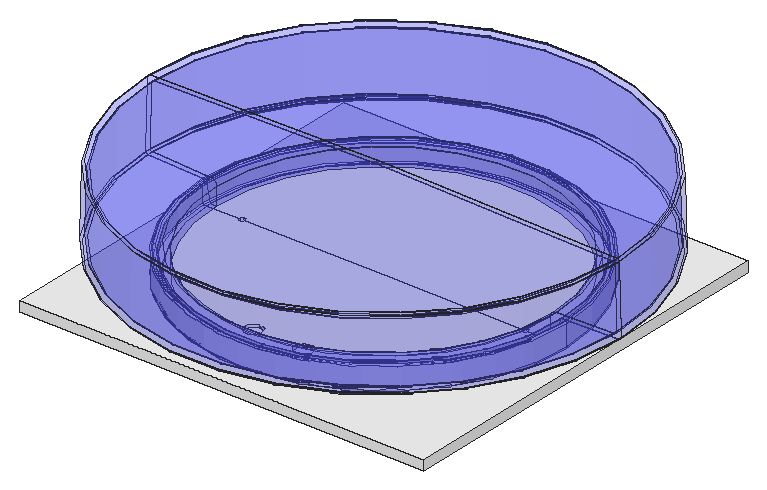
Revit family "BE_23315_de_DE", category Leuchten, Revit 2020
Family settings
  Basisbauteil = Fläche
  Bemaßung runder Anschluss = Durchmesser verwenden
  Teiletyp = Normal
  Beim Laden mit Abzugskörper schneiden = Ja
  Lichtquelle = Ja
  Gemeinsam genutzt = Nein
  Raumberechnungspunkt = Ja
Parameters (values of type "BEGA_23315_K4")
  built-in parameter 1150104 = 12.839 (stored number, unit not read)
  Wattage = 37.8 W
  Default Elevation = 0 mm
  built-in parameter 1150113 = 1 (stored number, unit not read)
  built-in parameter 1114218 = 1 (stored number, unit not read)
  Umgebungstemperatur = "25 °C"
  URL = "https://www.bega.com/de/produkt/23315"
  Typenkommentare = "© 2022 BEGA. Wir behalten uns das Recht vor, technische Änderungen ohne vorherige Ankündigung vorzunehmen."  # constant formula
  built-in parameter 1150134 = 12
  built-in parameter 1150109 = 1 (stored number, unit not read)
  Strom = ""
  built-in parameter 1150110 = 1 (stored number, unit not read)
  Spannung = 239.996 V
  Sonderanfertigung = no
  Seriennummer [instance] = "Hier können Sie die eindeutige Seriennummer für das Facility Management eintragen."
  Schutzklasse = "I"
  Schutzart = "IP 44"
  Scheinlast = 0 VA
  Produktdatenblatt = "https://cdn.bega.com/bega/products/23315K4/current/documents/data-sheets/de"
  Oberflächentemperatur = ""
  Neigungswinkel = 0.00°
  Modell = "23315K4"
  Material_17 = BEGA_Reflektor
  Material_15 = BEGA_Leuchtmedium_matt
  Material_11 = BEGA_Glas_opal
  Material_09 = BEGA_Glas_klar
  Material_06 = BEGA_Oberfläche_Edelstahl_gebürstet
  Material_05 = BEGA_Oberfläche_Aluminium Guss
  Material_03 = BEGA_Oberfläche_Weiss_matt
  Material_02 = BEGA_Oberfläche_Silber_matt
  Material_01 [instance] = BEGA_Oberfläche_Grafit_matt
  M_W = no
  M_G = no
  M_A = no
  Logo = 0
  built-in parameter 1114217 = 1 (stored number, unit not read)
  built-in parameter 1150139 = (empty or 0)
  built-in parameter 1150105 = 1304 (stored number, unit not read)
  built-in parameter 1150114 = 1 (stored number, unit not read)
  Lumens = 5223.96 lm
  built-in parameter 1150115 = 1 (stored number, unit not read)
  Leuchtenlichtstrom = "3400 lm"
  Leuchtenanzahl = ""
  Lebensdauerkriterien = "L70B50 @ 25 °C = 135000 h"
  Lastklassifizierung = Beleuchtung
  built-in parameter 1150112 = 1 (stored number, unit not read)
  Lampenlichtstrom = "4720 lm"
  Lampe = "LED 31.8 W"
  LED_Modulbezeichnung = "LED-0531/940"
  built-in parameter 1150142 = (empty or 0)
  Hersteller = "BEGA"  # constant formula
  Halbstreuwinkel = ""
  Gewicht = "8.6 kg"
  Gebrauchslageneinschränkung [instance] = ""
  Frequenz = "0/50-60 Hz"
  Farbwiedergabeindex = "CRI > 90"
  Farbtemperaturverschiebung bei Dämpfen der Lampe = <Keine Auswahl>
  Farbtemperatur = "4000 K"
  Color Filter = 16777215
  built-in parameter 1150133 = 10 (stored number, unit not read)
  Energieeffizienzklasse = "LED A++ - A"
  built-in parameter 1150137 = (empty or 0)
  built-in parameter 1150132 = (empty or 0)
  ENEC = "ja"
  Dimmbar [instance] = "DALI"
  Datei für fotometrisches Netz = "BE_23315K4.IES"
  CE_Konformität = "ja"
  Bestellnummer = "23315K4"
  Beschreibung_Sonderanfertigung = "Hier können Sie Informationen zur Sonderanfertigung eintragen."
  Beschreibung = "Wandleuchte"
  built-in parameter 1150106 = 13.04 (stored number, unit not read)
  Befestigungsbohrung = "Ø 5,5 mm"
  Befestigungsabstand = "280 mm"
  Ballwurfsicher = ""
  BEGA_Intern_aus = yes
  BEGA_Intern_an = yes
  BEGA_Intern_Konstruktion = yes
  BEGA_Intern = yes
  BEGA_IES = yes
  BEGA_Dummy = no
  Anschlussleitung = ""
  Anschlussleistung [instance] = "35 W"
  Anschlusskasten = ""
  built-in parameter 1150107 = 4000 (stored number, unit not read)
  built-in parameter 1150102 = (empty or 0)
  built-in parameter 1150138 = (empty or 0)
  Aktualisierung = "2022-05-18T04:00:07"
  Abstand_zur_angestrahlten_Fläche [instance] = ""
  AC/DC = "AC/DC"
Types (2, lengths in mm): name | built-in parameter 1150134 | Modell | Leuchtenlichtstrom | Lampenlichtstrom | LED_Modulbezeichnung | Farbtemperatur | Datei für fotometrisches Netz | Bestellnummer | built-in parameter 1150107
  BEGA_23315_K3 | (empty or 0) | "23315K3" | "3343 lm" | "4645 lm" | "LED-0531/930" | "3000 K" | "BE_23315K3.IES" | "23315K3" | 3000 (stored number, unit not read)
  BEGA_23315_K4 | 12 | "23315K4" | "3400 lm" | "4720 lm" | "LED-0531/940" | "4000 K" | "BE_23315K4.IES" | "23315K4" | 4000 (stored number, unit not read)
Reference planes
  plane 1 "Mitte (Vorne/Hinten)": y = 0
  plane 2: z = 0
  plane 3 "Mitte (Links/Rechts)": x = 0
  plane 4 "Links": x = -234.948
  plane 5 "Rechts": x = 234.948
  plane 6 "Unten": y = -235
  plane 7 "Oben": y = 235
  plane 8 "Vorne": z = 105.052
  plane 9 "Hinten": z = 0
Forms (mm)
  Extrusion 1, solid, material "BEGA_Platte_Weiss"
    sketch origin (0, -1119.2, 0) x (1, 0, 0) y (0, 1, 0)
      loop
        line (-200, 1319.2) -> (-200, 919.2) -> (200, 919.2) -> (200, 1319.2) -> (-200, 1319.2)
    from 0 to -10
  Extrusion 2, solid, material "BEGA_Dummy_matt", visible <- "BEGA_Dummy"
    sketch origin (77.149, -76.023, 0) x (1, 0, 0) y (0, 1, 0)
      loop
        circle (-77.149, 76.023) r 235
    from 0 to 105.052
Dimensions and locks
  plane 1 "Mitte (Vorne/Hinten)" to Extrusion 1 = 200 mm
  aligned and locked: plane 2 to Extrusion 1
  aligned and locked: level to Extrusion 1
Nested families
  nested 1: "BE_23315" at (0, 0, 0), type "BE_23315"
Connectors
  electrical at (0, 0, 0), driven by "Lastklassifizierung", driven by "Spannung", driven by "Scheinlast"
    settings: index 1, voltage 239.996 V, apparent load 0 VA, apparent load phase1 0 VA, apparent load phase2 0 VA, apparent load phase3 0 VA, power factor 1, load classification "Beleuchtung", number of poles 1, system type 31, power factor state 1, is connector primary yes, connector utility no, sub classification motor no, connector description ""
Definition of nested family "BE_23315"
  Parameters (values of type "BE_23315")
    Default Elevation = 1 mm
    URL = "http://www.bega.de/de/produkt"
    Type Comments = "© 2015 BEGA. Wir behalten uns das Recht vor, technische Änderungen ohne vorherige Ankündigung vorzunehmen. "  # constant formula
    Type Image = (empty or 0)
    Neigungswinkel_um_Z2 = 0.00°
    Neigungswinkel_um_Z1 = 0.00°
    Neigungswinkel_um_Y2 = 0.00°
    Neigungswinkel_um_Y1 = 0.00°
    Neigungswinkel_um_X2 = 0.00°
    Neigungswinkel_um_X1 = 0.00°
    Material_17 = none
    Material_15 = none
    Material_11 = none
    Material_09 = none
    Material_06 = none
    Material_05 = none
    Material_03 = none
    Material_02 = none
    Material_01 = none
    M_W = yes
    M_G = yes
    M_A = yes
    Länge_Platte = 500 mm  # constant formula
    Höhe_Platte = -10 mm  # constant formula
    Manufacturer = "BEGA"  # constant formula
    Drehwinkel_um_Z2 = 0.00°
    Drehwinkel_um_Z1 = 0.00°
    Breite_Platte = 500 mm  # constant formula
  Reference planes
    plane 1 "Mitte (Oben/Unten)": y = 0
    plane 2: z = 0
    plane 3 "Mitte (Links/Rechts)": x = 0
    plane 4: x = -234.948
    plane 5: z = 105.052
    plane 6: x = 234.948
    plane 7: y = -235
    plane 8: y = 235
  Forms (mm)
    Extrusion 1, solid, detail levels medium
      sketch origin (0, 0, 0) x (1, 0, 0) y (0, 1, 0)
        loop
          line (-250, 250) -> (-250, -250) -> (250, -250) -> (250, 250) -> (-250, 250)
      from 0 to -10 <- "Höhe_Platte"
    Revolve 2, solid, material <- "Material_03", detail levels medium+fine
      sketch origin (0, 0, 0) x (1, 0, 0) y (0, 0, 1)
        loop
          line (0, 5) -> (-178.6, 5)
          arc (-178.6, 5) -> (-179.307, 5.293) -> (-179.6, 6) r 1
          line (-179.6, 6) -> (-179.6, 25.938) -> (-176.438, 23.724) -> (-175.75, 24.707) -> (-178.676, 26.756)
          arc (-178.676, 26.756) -> (-179.149, 26.966) -> (-179.667, 26.982) r 1.35
          arc (-179.667, 26.982) -> (-180.476, 26.528) -> (-180.8, 25.659) r 1.35
          line (-180.8, 25.659) -> (-180.8, 5)
          arc (-180.8, 5) -> (-180.214, 3.586) -> (-178.8, 3) r 2
          line (-178.8, 3) -> (0, 3) -> (0, 5)
        axis (0, 3) -> (0, 26.982)
      angle from 0 to 360
    Extrusion 3, void
      sketch origin (0, 0, 0) x (1, 0, 0) y (0, 1, 0)
        loop
          circle (-25, -130) r 8.5
        loop
          circle (25, -130) r 8.5
        loop
          circle (-140, 0) r 2.75
        loop
          circle (140, 0) r 2.75
      from 0 to 6.5
    Revolve 4, solid, material <- "Material_11", detail levels medium+fine
      sketch origin (0, 0, 0) x (1, 0, 0) y (0, 0, 1)
        loop
          arc (0, 105.052) -> (-115.646, 104.068) -> (-231.259, 101.116) r 6796.32
          arc (-231.259, 101.116) -> (-232.613, 100.523) -> (-233.19, 99.162) r 2
          line (-233.19, 99.162) -> (-234.948, 32.034)
          arc (-234.948, 32.034) -> (-234.405, 30.61) -> (-233.016, 29.982) r 2
          line (-233.016, 29.982) -> (-176.25, 28)
          arc (-176.25, 28) -> (-175.332, 27.647) -> (-174.83, 26.8) r 1.5
          line (-174.83, 26.8) -> (-171, 8) -> (-165, 8) -> (-165, 25.82)
          arc (-165, 25.82) -> (-166.685, 29.984) -> (-170.788, 31.812) r 6
          line (-170.788, 31.812) -> (-228.913, 33.842)
          arc (-228.913, 33.842) -> (-230.305, 34.472) -> (-230.845, 35.901) r 2
          line (-230.845, 35.901) -> (-229.297, 95.163)
          arc (-229.297, 95.163) -> (-228.722, 96.522) -> (-227.37, 97.115) r 1.997
          arc (-227.37, 97.115) -> (-113.702, 100.066) -> (0, 101.05) r 6571.102
          line (0, 101.05) -> (0, 105.052)
        axis (0, 105.052) -> (0, 8)
      angle from 0 to 360
    Revolve 5, solid, material <- "Material_03", detail levels medium+fine
      sketch origin (-32.527, -32.527, 0) x (-0.707107, -0.707107, 0) y (0, 0, 1)
        loop
          arc (112.946, 3.261) -> (115.562, 0.867) -> (119, 0) r 7.25
          line (119, 0) -> (119, 3.261) -> (112.946, 3.261)
        axis (119, 0) -> (119, 3.261)
      angle from 0 to 360
    Revolve 6, solid, material <- "Material_03", detail levels medium+fine
      sketch origin (-32.527, 32.527, 0) x (-0.707107, 0.707107, 0) y (0, 0, 1)
        loop
          arc (112.946, 3.261) -> (115.562, 0.867) -> (119, 0) r 7.25
          line (119, 0) -> (119, 3.261) -> (112.946, 3.261)
        axis (119, 0) -> (119, 3.261)
      angle from 0 to 360
    Revolve 7, solid, material <- "Material_03", detail levels medium+fine
      sketch origin (32.527, -32.527, 0) x (0.707107, -0.707107, 0) y (0, 0, 1)
        loop
          arc (112.946, 3.261) -> (115.562, 0.867) -> (119, 0) r 7.25
          line (119, 0) -> (119, 3.261) -> (112.946, 3.261)
        axis (119, 0) -> (119, 3.261)
      angle from 0 to 360
    Revolve 8, solid, material <- "Material_03", detail levels medium+fine
      sketch origin (32.527, 32.527, 0) x (0.707107, 0.707107, 0) y (0, 0, 1)
        loop
          arc (112.946, 3.261) -> (115.562, 0.867) -> (119, 0) r 7.25
          line (119, 0) -> (119, 3.261) -> (112.946, 3.261)
        axis (119, 0) -> (119, 3.261)
      angle from 0 to 360
  Cuts and joins
    Extrusion 3 cuts Revolve 2
    joined: Revolve 2, Revolve 5, Revolve 6, Revolve 7, Revolve 8
  Dimensions and locks
    equal spacing: Extrusion 1 sketch curve, plane 3 "Mitte (Links/Rechts)", Extrusion 1 sketch curve
    equal spacing: Extrusion 1 sketch curve, plane 1 "Mitte (Oben/Unten)", Extrusion 1 sketch curve
    "Länge_Platte": Extrusion 1 sketch curve to Extrusion 1 sketch curve
    "Breite_Platte": Extrusion 1 sketch curve to Extrusion 1 sketch curve
    aligned and locked: Extrusion 1 to plane 2
    aligned and locked: level to Extrusion 1
  Automatic sketch dimensions
    Revolve 2 sketch curve to plane 3 "Mitte (Links/Rechts)" = 0 mm  (x2)
    Revolve 2 sketch curve to Revolve 2 sketch curve = 0.688 mm
    level to Revolve 2 sketch curve = 6 mm
    Revolve 2 sketch curve to Revolve 2 sketch curve = 0.2 mm
    Revolve 2 sketch curve to Revolve 2 sketch curve = 3.012 mm
    Revolve 2 sketch curve to Revolve 2 sketch curve = 0 mm  (x9)
    Revolve 2 sketch curve to Revolve 2 sketch curve = 1 mm  (x2)
    Revolve 2 sketch curve to Revolve 2 sketch curve = 1.2 mm
    Revolve 2 sketch curve to Revolve 2 sketch curve = 2 mm
    Revolve 2 sketch curve to Revolve 2 sketch curve = 17.724 mm
    Revolve 2 sketch curve to Revolve 2 sketch curve = 0.983 mm
    Revolve 2 sketch curve to Revolve 2 sketch curve = 1.926 mm
    Revolve 2 sketch curve to Revolve 2 sketch curve = 0.009 mm
    Revolve 2 sketch curve to Revolve 2 sketch curve = 0.288 mm
    Revolve 2 sketch curve to Revolve 2 sketch curve = 0.924 mm
    Revolve 2 sketch curve to Revolve 2 sketch curve = 0.991 mm
    Revolve 2 sketch curve to level = 1.05 mm
    Revolve 2 sketch curve to Revolve 2 sketch curve = 3.036 mm
    Extrusion 3 sketch curve to plane 3 "Mitte (Links/Rechts)" = 25 mm
    plane 3 "Mitte (Links/Rechts)" to Extrusion 3 sketch curve = 25 mm
    Extrusion 3 sketch curve to Extrusion 3 sketch curve = 0 mm
    plane 1 "Mitte (Oben/Unten)" to Extrusion 3 sketch curve = 0 mm  (x2)
    Revolve 4 sketch curve to plane 3 "Mitte (Links/Rechts)" = 0 mm  (x3)
    Revolve 4 sketch curve to Revolve 4 sketch curve = 5.788 mm
    Revolve 4 sketch curve to Revolve 4 sketch curve = 6 mm  (x2)
    Revolve 4 sketch curve to Revolve 4 sketch curve = 3.83 mm
    Revolve 4 sketch curve to Revolve 4 sketch curve = 1.42 mm
    Revolve 4 sketch curve to Revolve 4 sketch curve = 1.47 mm
    Revolve 4 sketch curve to Revolve 4 sketch curve = 0.066 mm
    Revolve 4 sketch curve to Revolve 4 sketch curve = 1.997 mm
    Revolve 4 sketch curve to Revolve 4 sketch curve = 1.999 mm  (x3)
    Revolve 4 sketch curve to Revolve 4 sketch curve = 1.893 mm
    Revolve 4 sketch curve to Revolve 4 sketch curve = 4.036 mm
    Revolve 4 sketch curve to Revolve 4 sketch curve = 0.067 mm
    Revolve 4 sketch curve to Revolve 4 sketch curve = 2 mm
    plane 3 "Mitte (Links/Rechts)" to Revolve 4 sketch curve = 0.011 mm
    level to Revolve 4 sketch curve = 35.901 mm
    Revolve 4 sketch curve to Revolve 4 sketch curve = 0.06 mm
    Revolve 4 sketch curve to Revolve 4 sketch curve = 1.86 mm
    level to Revolve 4 sketch curve = 31.812 mm
    Revolve 4 sketch curve to Revolve 4 sketch curve = 3.812 mm
    Revolve 4 sketch curve to Revolve 4 sketch curve = 1.2 mm
    Revolve 4 sketch curve to Revolve 4 sketch curve = 5.991 mm
    level to Revolve 4 sketch curve = 8 mm
    Revolve 4 sketch curve to level = 6470.052 mm
    Revolve 4 sketch curve to Revolve 4 sketch curve = 221.217 mm
    Revolve 4 sketch curve to Revolve 4 sketch curve = 0.044 mm  (x2)
    Revolve 4 sketch curve to Revolve 4 sketch curve = 4.002 mm
    Revolve 4 sketch curve to Revolve 4 sketch curve = 0.068 mm
    Revolve 4 sketch curve to Revolve 4 sketch curve = 0 mm  (x3)
    Revolve 4 sketch curve to Revolve 4 sketch curve = 5.296 mm
    Revolve 5 sketch curve to Revolve 5 sketch curve = 6.054 mm
    Revolve 5 sketch curve to Revolve 5 sketch curve = 0 mm  (x4)
    Revolve 5 sketch curve to Revolve 5 sketch curve = 3.261 mm
    Revolve 6 sketch curve to Revolve 6 sketch curve = 6.054 mm
    Revolve 6 sketch curve to Revolve 6 sketch curve = 0 mm  (x4)
    Revolve 6 sketch curve to Revolve 6 sketch curve = 3.261 mm
    Revolve 7 sketch curve to Revolve 7 sketch curve = 6.054 mm
    Revolve 7 sketch curve to Revolve 7 sketch curve = 0 mm  (x4)
    Revolve 7 sketch curve to Revolve 7 sketch curve = 3.261 mm
    Revolve 8 sketch curve to Revolve 8 sketch curve = 6.054 mm
    Revolve 8 sketch curve to Revolve 8 sketch curve = 0 mm  (x4)
    Revolve 8 sketch curve to Revolve 8 sketch curve = 3.261 mm
    level to Revolve 5 sketch curve = 3.261 mm
    level to Revolve 6 sketch curve = 3.261 mm
    level to Revolve 7 sketch curve = 3.261 mm
    level to Revolve 8 sketch curve = 3.261 mm
    Revolve 2 sketch curve to plane 3 "Mitte (Links/Rechts)" = 175.75 mm
    Revolve 2 sketch curve to Revolve 2 sketch curve = 2.162 mm
    Extrusion 3 sketch curve to plane 3 "Mitte (Links/Rechts)" = 140 mm
    Revolve 4 sketch curve to plane 3 "Mitte (Links/Rechts)" = 165 mm
    Revolve 4 sketch curve to Revolve 4 sketch curve = 51.051 mm
    Revolve 4 sketch curve to Revolve 4 sketch curve = 52.597 mm
    Revolve 4 sketch curve to Revolve 4 sketch curve = 59.278 mm
    Revolve 4 sketch curve to Revolve 4 sketch curve = 2.003 mm
    level to Revolve 4 sketch curve = 101.05 mm
    Revolve 4 sketch curve to Revolve 4 sketch curve = 3.933 mm
    plane 3 "Mitte (Links/Rechts)" to Extrusion 3 sketch curve = 140 mm
    plane 1 "Mitte (Oben/Unten)" to Extrusion 3 sketch curve = 130 mm
    radius of Extrusion 3 sketch curve = 8.5 mm  (x2)
    radius of Extrusion 3 sketch curve = 2.75 mm  (x2)
